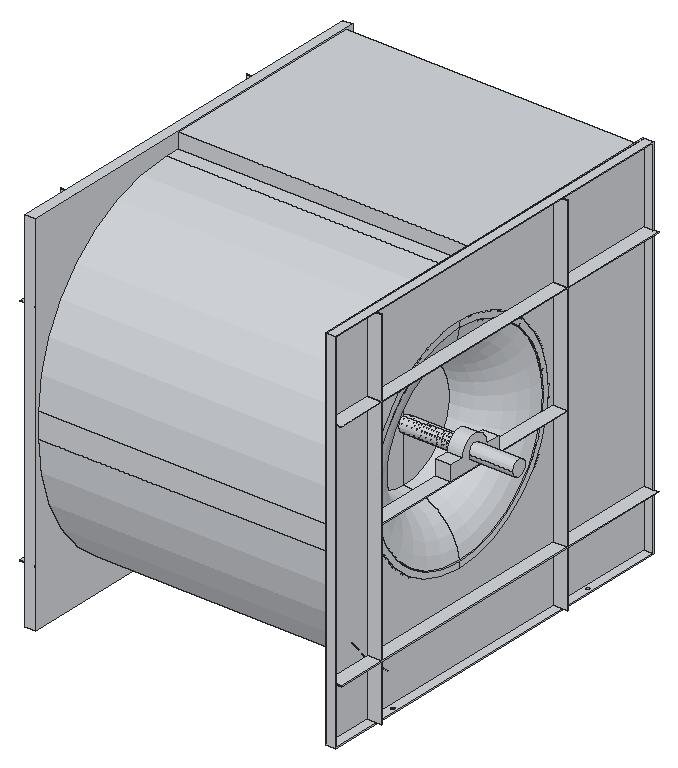
Revit family "CA-4_DWDI_ARR_3_CCW_UBD", category Mechanical Equipment, Revit 2019
Family settings
  Round Connector Dimension = Use Radius
  Part Type = Normal
  Work Plane-Based = No
  Always vertical = Yes
  Cut with Voids When Loaded = No
  Shared = No
  Room Calculation Point = No
Parameters (values of type "600_CA-4_DWDI_ARR_3_CCW_UBD_CLASS_3")
  T/2 = T / 2  # 17/32"
  T = 1 1/16"
  S = 32"
  P/2 = P / 2  # 44 7/8"
  P = 89 3/4"
  O = 44 7/8"
  N/2 = N / 2  # 2 7/32"
  N+A+H = N + A + H  # 69 5/8"
  N*2 = N * 2  # 8 7/8"
  N = 4 7/16"
  ModelID [instance] = ""
  M = 14 3/4"
  L = 110 3/4"
  J-.125" = J - 1/8"  # 2 7/8"
  J*1.5 = J * 1.5  # 4 1/2"
  INLET_RAD+1.5" = INLET_RAD + 1 1/2"  # 34 1/2"
  G+N = G + N  # 56 1/16"
  G-(INLET_RAD+1.5") = G - (INLET_RAD + 1 1/2")  # 17 1/8"
  G+(INLET_RAD+1.5") = G + (INLET_RAD + 1 1/2")  # 86 1/8"
  F-G = F - G  # 58"
  E = 49 3/4"
  Accessories [instance] = ""
  -J*1.5 = -J * 1.5  # -4 1/2"
  J = 3"
  Unit Weight [instance] = ""
  INLET_RAD/2 = INLET_RAD / 2  # 16 1/2"
  INLET_RAD = INLET_DIA / 2  # 33"
  INLET_DIA = 66"
  H = 3"
  EE = E  # 49 3/4"
  Sones [instance] = ""
  D/8 = D / 8  # 14 49/64"
  D/2 = D / 2  # 59 1/16"
  D = 118 1/8"
  Motor RPM [instance] = ""
  Motor Enclosure [instance] = ""
  LwA [instance] = ""
  Fan RPM [instance] = ""
  G = 51 5/8"
  F/2 = F / 2  # 54 13/16"
  F = 109 5/8"
  B/2 = B / 2  # 43 1/8"
  B+.25" = B + 1/4"  # 86 1/2"
  B = 86 1/4"
  A+.25" = A + 1/4"  # 62 7/16"
  A = 62 3/16"
  3" = 3"  # constant formula
  Brake Hp [instance] = ""
  4" = 4"  # constant formula
  2' = 24"
  2" = 2"  # constant formula
  1" = 1"  # constant formula
  0 = 0"  # constant formula
  Voltage [instance] = 0 V
  URL = "www.lorencook.com"
  Type Comments = "Airfoil Centrifugal Blower Arrangement 3 Counter-Clockwise Up Blast Discharge"  # constant formula
  Static Pressure [instance] = 0.00 in-wg
  Power [instance] = Voltage * Motor FLA * sqrt(if(Phase = 3, 3, 1))  # 0 VA
  Phase [instance] = 0
  Number of Poles [instance] = 1
  Motor Hp [instance] = "0"
  Motor FLA [instance] = 0 A
  Model = "CA-4 DWDI CCW UBD Class 3"
  Manufacturer = "Loren Cook Company"
  CFM [instance] = 0 CFM
  1.5 = 1 1/2"  # constant formula
  ONE EIGTH = 1/8"  # constant formula
  -L+M = -L + M  # -96"
  -B = -B  # -86 1/4"
  -A = -A  # -62 3/16"
  -(B/2)-J = -(B / 2) - J  # -46 1/8"
  -B/2 = -B / 2  # -43 1/8"
  (F/2)-S = (F / 2) - S  # 22 13/16"
  (B/2)+J = (B / 2) + J  # 46 1/8"
  (B/2)+.125" = (B / 2) + 1/8"  # 43 1/4"
Types (55): name | T/2 | T | S | P/2 | P | O | N/2 | N+A+H | N*2 | N | M | L | J-.125" | J*1.5 | INLET_RAD+1.5" | G+N | G-(INLET_RAD+1.5") | G+(INLET_RAD+1.5") | F-G | E | -J*1.5 | J | INLET_RAD/2 | INLET_RAD | INLET_DIA | H | EE | D/8 | D/2 | D | G | F/2 | F | B/2 | B+.25" | B | A+.25" | A | Model | -L+M | -B | -A | -(B/2)-J | -B/2 | (F/2)-S | (B/2)+J | (B/2)+.125"
  (no name) | 17/32" | 1 1/16" | 32" | 44 7/8" | 89 3/4" | 44 7/8" | 2 7/32" | 69 5/8" | 8 7/8" | 4 7/16" | 14 3/4" | 110 3/4" | 2 7/8" | 4 1/2" | 34 1/2" | 56 1/16" | 17 1/8" | 86 1/8" | 58" | 49 3/4" | -4 1/2" | 3" | 16 1/2" | 33" | 66" | 3" | 49 3/4" | 14 49/64" | 59 1/16" | 118 1/8" | 51 5/8" | 54 13/16" | 109 5/8" | 43 1/8" | 86 1/2" | 86 1/4" | 62 7/16" | 62 3/16" | "CA-4 DWDI CCW UBD Class 3" | -96" | -86 1/4" | -62 3/16" | -46 1/8" | -43 1/8" | 22 13/16" | 46 1/8" | 43 1/4"
  120_CA-4_DWDI_ARR_3_CCW_UBD_CLASS_1 | 11/32" | 11/16" | 7 1/2" | 9 31/32" | 19 15/16" | 9 31/32" | 23/32" | 15 9/16" | 2 7/8" | 1 7/16" | 5 3/4" | 28 11/16" | 1 7/8" | 3" | 9 5/8" | 11 13/16" | 3/4" | 20" | 12 3/8" | 10 3/4" | -3" | 2" | 4 1/16" | 8 1/8" | 16 1/4" | 2" | 10 3/4" | 3 31/128" | 12 31/32" | 25 15/16" | 10 3/8" | 11 3/8" | 22 3/4" | 8 27/32" | 17 15/16" | 17 11/16" | 12 3/8" | 12 1/8" | "CA-4 DWDI CCW UBD Class 1" | -22 15/16" | -17 11/16" | -12 1/8" | -10 27/32" | -8 27/32" | 3 7/8" | 10 27/32" | 8 31/32"
  120_CA-4_DWDI_ARR_3_CCW_UBD_CLASS_2 | 11/32" | 11/16" | 7 1/2" | 9 31/32" | 19 15/16" | 9 31/32" | 27/32" | 15 13/16" | 3 3/8" | 1 11/16" | 6 1/8" | 29 7/16" | 1 7/8" | 3" | 9 5/8" | 12 1/16" | 3/4" | 20" | 12 3/8" | 10 3/4" | -3" | 2" | 4 1/16" | 8 1/8" | 16 1/4" | 2" | 10 3/4" | 3 31/128" | 12 31/32" | 25 15/16" | 10 3/8" | 11 3/8" | 22 3/4" | 8 27/32" | 17 15/16" | 17 11/16" | 12 3/8" | 12 1/8" | "CA-4 DWDI CCW UBD Class 2" | -23 5/16" | -17 11/16" | -12 1/8" | -10 27/32" | -8 27/32" | 3 7/8" | 10 27/32" | 8 31/32"
  120_CA-4_DWDI_ARR_3_CCW_UBD_CLASS_3 | 11/32" | 11/16" | 7 1/2" | 9 31/32" | 19 15/16" | 9 31/32" | 31/32" | 16 1/16" | 3 7/8" | 1 15/16" | 6 3/8" | 29 15/16" | 1 7/8" | 3" | 9 5/8" | 12 5/16" | 3/4" | 20" | 12 3/8" | 10 3/4" | -3" | 2" | 4 1/16" | 8 1/8" | 16 1/4" | 2" | 10 3/4" | 3 31/128" | 12 31/32" | 25 15/16" | 10 3/8" | 11 3/8" | 22 3/4" | 8 27/32" | 17 15/16" | 17 11/16" | 12 3/8" | 12 1/8" | "CA-4 DWDI CCW UBD Class 3" | -23 9/16" | -17 11/16" | -12 1/8" | -10 27/32" | -8 27/32" | 3 7/8" | 10 27/32" | 8 31/32"
  135_CA-4_DWDI_ARR_3_CCW_UBD_CLASS_1 | 11/32" | 11/16" | 8 1/2" | 11 3/32" | 22 3/16" | 11 3/32" | 23/32" | 17 1/16" | 2 7/8" | 1 7/16" | 5 3/4" | 30 15/16" | 1 7/8" | 3" | 10 3/8" | 13 1/16" | 1 1/4" | 22" | 13 7/8" | 12" | -3" | 2" | 4 7/16" | 8 7/8" | 17 3/4" | 2" | 12" | 3 3/16" | 12 3/4" | 25 1/2" | 11 5/8" | 12 3/4" | 25 1/2" | 9 31/32" | 20 3/16" | 19 15/16" | 13 7/8" | 13 5/8" | "CA-4 DWDI CCW UBD Class 1" | -25 3/16" | -19 15/16" | -13 5/8" | -11 31/32" | -9 31/32" | 4 1/4" | 11 31/32" | 10 3/32"
  135_CA-4_DWDI_ARR_3_CCW_UBD_CLASS_2 | 11/32" | 11/16" | 8 1/2" | 11 3/32" | 22 3/16" | 11 3/32" | 27/32" | 17 5/16" | 3 3/8" | 1 11/16" | 6 1/8" | 31 11/16" | 1 7/8" | 3" | 10 3/8" | 13 5/16" | 1 1/4" | 22" | 13 7/8" | 12" | -3" | 2" | 4 7/16" | 8 7/8" | 17 3/4" | 2" | 12" | 3 77/128" | 14 13/32" | 28 13/16" | 11 5/8" | 12 3/4" | 25 1/2" | 9 31/32" | 20 3/16" | 19 15/16" | 13 7/8" | 13 5/8" | "CA-4 DWDI CCW UBD Class 2" | -25 9/16" | -19 15/16" | -13 5/8" | -11 31/32" | -9 31/32" | 4 1/4" | 11 31/32" | 10 3/32"
  135_CA-4_DWDI_ARR_3_CCW_UBD_CLASS_3 | 11/32" | 11/16" | 8 1/2" | 11 3/32" | 22 3/16" | 11 3/32" | 1 3/32" | 17 13/16" | 4 3/8" | 2 3/16" | 6 5/8" | 32 11/16" | 1 7/8" | 3" | 10 3/8" | 13 13/16" | 1 1/4" | 22" | 13 7/8" | 12" | -3" | 2" | 4 7/16" | 8 7/8" | 17 3/4" | 2" | 12" | 3 77/128" | 14 13/32" | 28 13/16" | 11 5/8" | 12 3/4" | 25 1/2" | 9 31/32" | 20 3/16" | 19 15/16" | 13 7/8" | 13 5/8" | "CA-4 DWDI CCW UBD Class 3" | -26 1/16" | -19 15/16" | -13 5/8" | -11 31/32" | -9 31/32" | 4 1/4" | 11 31/32" | 10 3/32"
  150_CA-4_DWDI_ARR_3_CCW_UBD_CLASS_1 | 11/32" | 11/16" | 9" | 12 1/8" | 24 1/4" | 12 1/8" | 27/32" | 18 15/16" | 3 3/8" | 1 11/16" | 6 5/8" | 34 1/4" | 1 7/8" | 3" | 11 1/8" | 14 9/16" | 1 3/4" | 24" | 15 1/4" | 13 1/4" | -3" | 2" | 4 13/16" | 9 5/8" | 19 1/4" | 2" | 13 1/4" | 3 123/128" | 15 27/32" | 31 11/16" | 12 7/8" | 14 1/16" | 28 1/8" | 11" | 22 1/4" | 22" | 15 1/2" | 15 1/4" | "CA-4 DWDI CCW UBD Class 1" | -27 5/8" | -22" | -15 1/4" | -13" | -11" | 5 1/16" | 13" | 11 1/8"
  150_CA-4_DWDI_ARR_3_CCW_UBD_CLASS_2 | 11/32" | 11/16" | 9" | 12 1/8" | 24 1/4" | 12 1/8" | 31/32" | 19 3/16" | 3 7/8" | 1 15/16" | 6 7/8" | 34 3/4" | 1 7/8" | 3" | 11 1/8" | 14 13/16" | 1 3/4" | 24" | 15 1/4" | 13 1/4" | -3" | 2" | 4 13/16" | 9 5/8" | 19 1/4" | 2" | 13 1/4" | 3 123/128" | 15 27/32" | 31 11/16" | 12 7/8" | 14 1/16" | 28 1/8" | 11" | 22 1/4" | 22" | 15 1/2" | 15 1/4" | "CA-4 DWDI CCW UBD Class 2" | -27 7/8" | -22" | -15 1/4" | -13" | -11" | 5 1/16" | 13" | 11 1/8"
  150_CA-4_DWDI_ARR_3_CCW_UBD_CLASS_3 | 11/32" | 11/16" | 9" | 12 1/8" | 24 1/4" | 12 1/8" | 1 7/32" | 19 11/16" | 4 7/8" | 2 7/16" | 7 1/4" | 35 1/2" | 1 7/8" | 3" | 11 1/8" | 15 5/16" | 1 3/4" | 24" | 15 1/4" | 13 1/4" | -3" | 2" | 4 13/16" | 9 5/8" | 19 1/4" | 2" | 13 1/4" | 3 123/128" | 15 27/32" | 31 11/16" | 12 7/8" | 14 1/16" | 28 1/8" | 11" | 22 1/4" | 22" | 15 1/2" | 15 1/4" | "CA-4 DWDI CCW UBD Class 3" | -28 1/4" | -22" | -15 1/4" | -13" | -11" | 5 1/16" | 13" | 11 1/8"
  165_CA-4_DWDI_ARR_3_CCW_UBD_CLASS_1 | 11/32" | 11/16" | 10" | 13 1/8" | 26 1/4" | 13 1/8" | 27/32" | 20 5/8" | 3 3/8" | 1 11/16" | 6 5/8" | 36 1/4" | 1 7/8" | 3" | 12 1/8" | 15 15/16" | 2 1/8" | 26 3/8" | 16 5/8" | 14 3/8" | -3" | 2" | 5 5/16" | 10 5/8" | 21 1/4" | 2" | 14 3/8" | 4 39/128" | 17 7/32" | 34 7/16" | 14 1/4" | 15 7/16" | 30 7/8" | 12" | 24 1/4" | 24" | 17 3/16" | 16 15/16" | "CA-4 DWDI CCW UBD Class 1" | -29 5/8" | -24" | -16 15/16" | -14" | -12" | 5 7/16" | 14" | 12 1/8"
  165_CA-4_DWDI_ARR_3_CCW_UBD_CLASS_2 | 11/32" | 11/16" | 10" | 13 1/8" | 26 1/4" | 13 1/8" | 31/32" | 20 7/8" | 3 7/8" | 1 15/16" | 6 7/8" | 36 3/4" | 1 7/8" | 3" | 12 1/8" | 16 3/16" | 2 1/8" | 26 3/8" | 16 5/8" | 14 3/8" | -3" | 2" | 5 5/16" | 10 5/8" | 21 1/4" | 2" | 14 3/8" | 4 39/128" | 17 7/32" | 34 7/16" | 14 1/4" | 15 7/16" | 30 7/8" | 12" | 24 1/4" | 24" | 17 3/16" | 16 15/16" | "CA-4 DWDI CCW UBD Class 2" | -29 7/8" | -24" | -16 15/16" | -14" | -12" | 5 7/16" | 14" | 12 1/8"
  165_CA-4_DWDI_ARR_3_CCW_UBD_CLASS_3 | 11/32" | 11/16" | 10" | 13 1/8" | 26 1/4" | 13 1/8" | 1 7/32" | 21 3/8" | 4 7/8" | 2 7/16" | 7 3/16" | 37 1/2" | 1 7/8" | 3" | 12 1/8" | 16 11/16" | 2 1/8" | 26 3/8" | 16 5/8" | 14 3/8" | -3" | 2" | 5 5/16" | 10 5/8" | 21 1/4" | 2" | 14 3/8" | 4 39/128" | 17 7/32" | 34 7/16" | 14 1/4" | 15 7/16" | 30 7/8" | 12" | 24 1/4" | 24" | 17 3/16" | 16 15/16" | "CA-4 DWDI CCW UBD Class 3" | -30 5/16" | -24" | -16 15/16" | -14" | -12" | 5 7/16" | 14" | 12 1/8"
  180_CA-4_DWDI_ARR_3_CCW_UBD_CLASS_1 | 11/32" | 11/16" | 11" | 14 5/32" | 28 5/16" | 14 5/32" | 27/32" | 22 3/16" | 3 3/8" | 1 11/16" | 7 1/8" | 38 13/16" | 1 7/8" | 3" | 12 7/8" | 17 3/16" | 2 5/8" | 28 3/8" | 18 1/8" | 15 5/8" | -3" | 2" | 5 11/16" | 11 3/8" | 22 3/4" | 2" | 15 5/8" | 4 85/128" | 18 21/32" | 37 5/16" | 15 1/2" | 16 13/16" | 33 5/8" | 13 1/32" | 26 5/16" | 26 1/16" | 18 3/4" | 18 1/2" | "CA-4 DWDI CCW UBD Class 1" | -31 11/16" | -26 1/16" | -18 1/2" | -15 1/32" | -13 1/32" | 5 13/16" | 15 1/32" | 13 5/32"
  180_CA-4_DWDI_ARR_3_CCW_UBD_CLASS_2 | 11/32" | 11/16" | 11" | 14 5/32" | 28 5/16" | 14 5/32" | 31/32" | 22 7/16" | 3 7/8" | 1 15/16" | 7 3/8" | 39 5/16" | 1 7/8" | 3" | 12 7/8" | 17 7/16" | 2 5/8" | 28 3/8" | 18 1/8" | 15 5/8" | -3" | 2" | 5 11/16" | 11 3/8" | 22 3/4" | 2" | 15 5/8" | 4 85/128" | 18 21/32" | 37 5/16" | 15 1/2" | 16 13/16" | 33 5/8" | 13 1/32" | 26 5/16" | 26 1/16" | 18 3/4" | 18 1/2" | "CA-4 DWDI CCW UBD Class 2" | -31 15/16" | -26 1/16" | -18 1/2" | -15 1/32" | -13 1/32" | 5 13/16" | 15 1/32" | 13 5/32"
  180_CA-4_DWDI_ARR_3_CCW_UBD_CLASS_3 | 11/32" | 11/16" | 11" | 14 5/32" | 28 5/16" | 14 5/32" | 1 7/32" | 22 15/16" | 4 7/8" | 2 7/16" | 7 3/4" | 40 1/16" | 1 7/8" | 3" | 12 7/8" | 17 15/16" | 2 5/8" | 28 3/8" | 18 1/8" | 15 5/8" | -3" | 2" | 5 11/16" | 11 3/8" | 22 3/4" | 2" | 15 5/8" | 4 85/128" | 18 21/32" | 37 5/16" | 15 1/2" | 16 13/16" | 33 5/8" | 13 1/32" | 26 5/16" | 26 1/16" | 18 3/4" | 18 1/2" | "CA-4 DWDI CCW UBD Class 3" | -32 5/16" | -26 1/16" | -18 1/2" | -15 1/32" | -13 1/32" | 5 13/16" | 15 1/32" | 13 5/32"
  195_CA-4_DWDI_ARR_3_CCW_UBD_CLASS_1 | 11/32" | 11/16" | 11 1/2" | 15 11/32" | 30 11/16" | 15 11/32" | 31/32" | 23 7/16" | 3 7/8" | 1 15/16" | 7 1/4" | 41 11/16" | 1 7/8" | 3" | 13 5/8" | 18 11/16" | 3 1/8" | 30 3/8" | 19 1/2" | 16 3/4" | -3" | 2" | 6 1/16" | 12 1/8" | 24 1/4" | 2" | 16 3/4" | 5 1/128" | 20 1/32" | 40 1/16" | 16 3/4" | 18 1/8" | 36 1/4" | 14 7/32" | 28 11/16" | 28 7/16" | 19 3/4" | 19 1/2" | "CA-4 DWDI CCW UBD Class 1" | -34 7/16" | -28 7/16" | -19 1/2" | -16 7/32" | -14 7/32" | 6 5/8" | 16 7/32" | 14 11/32"
  195_CA-4_DWDI_ARR_3_CCW_UBD_CLASS_2 | 11/32" | 11/16" | 11 1/2" | 15 11/32" | 30 11/16" | 15 11/32" | 1 3/32" | 23 11/16" | 4 3/8" | 2 3/16" | 7 5/8" | 42 3/16" | 1 7/8" | 3" | 13 5/8" | 18 15/16" | 3 1/8" | 30 3/8" | 19 1/2" | 16 3/4" | -3" | 2" | 6 1/16" | 12 1/8" | 24 1/4" | 2" | 16 3/4" | 5 1/128" | 20 1/32" | 40 1/16" | 16 3/4" | 18 1/8" | 36 1/4" | 14 7/32" | 28 11/16" | 28 7/16" | 19 3/4" | 19 1/2" | "CA-4 DWDI CCW UBD Class 2" | -34 9/16" | -28 7/16" | -19 1/2" | -16 7/32" | -14 7/32" | 6 5/8" | 16 7/32" | 14 11/32"
  195_CA-4_DWDI_ARR_3_CCW_UBD_CLASS_3 | 11/32" | 11/16" | 11 1/2" | 15 11/32" | 30 11/16" | 15 11/32" | 1 11/32" | 24 3/16" | 5 3/8" | 2 11/16" | 8" | 42 15/16" | 1 7/8" | 3" | 13 5/8" | 19 7/16" | 3 1/8" | 30 3/8" | 19 1/2" | 16 3/4" | -3" | 2" | 6 1/16" | 12 1/8" | 24 1/4" | 2" | 16 3/4" | 5 1/128" | 20 1/32" | 40 1/16" | 16 3/4" | 18 1/8" | 36 1/4" | 14 7/32" | 28 11/16" | 28 7/16" | 19 3/4" | 19 1/2" | "CA-4 DWDI CCW UBD Class 3" | -34 15/16" | -28 7/16" | -19 1/2" | -16 7/32" | -14 7/32" | 6 5/8" | 16 7/32" | 14 11/32"
  210_CA-4_DWDI_ARR_3_CCW_UBD_CLASS_1 | 15/32" | 15/16" | 12" | 16 5/16" | 32 5/8" | 6 5/16" | 31/32" | 25 9/16" | 3 7/8" | 1 15/16" | 7 7/8" | 44 1/8" | 1 7/8" | 3" | 14 1/2" | 20 1/16" | 3 5/8" | 32 5/8" | 21" | 18" | -3" | 2" | 6 1/2" | 13" | 26" | 2" | 18" | 5 47/128" | 21 15/32" | 42 15/16" | 18 1/8" | 19 9/16" | 39 1/8" | 15 3/16" | 30 5/8" | 30 3/8" | 21 7/8" | 21 5/8" | "CA-4 DWDI CCW UBD Class 1" | -36 1/4" | -30 3/8" | -21 5/8" | -17 3/16" | -15 3/16" | 7 9/16" | 17 3/16" | 15 5/16"
  210_CA-4_DWDI_ARR_3_CCW_UBD_CLASS_2 | 15/32" | 15/16" | 12" | 16 5/16" | 32 5/8" | 6 5/16" | 1 3/32" | 25 13/16" | 4 3/8" | 2 3/16" | 8 1/8" | 44 5/8" | 1 7/8" | 3" | 14 1/2" | 20 5/16" | 3 5/8" | 32 5/8" | 21" | 18" | -3" | 2" | 6 1/2" | 13" | 26" | 2" | 18" | 5 47/128" | 21 15/32" | 42 15/16" | 18 1/8" | 19 9/16" | 39 1/8" | 15 3/16" | 30 5/8" | 30 3/8" | 21 7/8" | 21 5/8" | "CA-4 DWDI CCW UBD Class 2" | -36 1/2" | -30 3/8" | -21 5/8" | -17 3/16" | -15 3/16" | 7 9/16" | 17 3/16" | 15 5/16"
  210_CA-4_DWDI_ARR_3_CCW_UBD_CLASS_3 | 15/32" | 15/16" | 12" | 16 5/16" | 32 5/8" | 6 5/16" | 1 11/32" | 26 5/16" | 5 3/8" | 2 11/16" | 8 1/2" | 45 3/8" | 1 7/8" | 3" | 14 1/2" | 20 13/16" | 3 5/8" | 32 5/8" | 21" | 18" | -3" | 2" | 6 1/2" | 13" | 26" | 2" | 18" | 5 47/128" | 21 15/32" | 42 15/16" | 18 1/8" | 19 9/16" | 39 1/8" | 15 3/16" | 30 5/8" | 30 3/8" | 21 7/8" | 21 5/8" | "CA-4 DWDI CCW UBD Class 3" | -36 7/8" | -30 3/8" | -21 5/8" | -17 3/16" | -15 3/16" | 7 9/16" | 17 3/16" | 15 5/16"
  225_CA-4_DWDI_ARR_3_CCW_UBD_CLASS_1 | 15/32" | 15/16" | 12 1/2" | 17 3/8" | 34 3/4" | 17 3/8" | 31/32" | 27 1/8" | 3 7/8" | 1 15/16" | 7 7/8" | 46 1/4" | 1 7/8" | 3" | 15 1/4" | 21 5/16" | 4 1/8" | 34 5/8" | 22 3/8" | 19 1/4" | -3" | 2" | 6 7/8" | 13 3/4" | 27 1/2" | 2" | 19 1/4" | 5 93/128" | 22 29/32" | 45 13/16" | 19 3/8" | 20 7/8" | 41 3/4" | 16 1/4" | 32 3/4" | 32 1/2" | 23 7/16" | 23 3/16" | "CA-4 DWDI CCW UBD Class 1" | -38 3/8" | -32 1/2" | -23 3/16" | -18 1/4" | -16 1/4" | 8 3/8" | 18 1/4" | 16 3/8"
  225_CA-4_DWDI_ARR_3_CCW_UBD_CLASS_2 | 15/32" | 15/16" | 12 1/2" | 17 3/8" | 34 3/4" | 17 3/8" | 1 7/32" | 27 5/8" | 4 7/8" | 2 7/16" | 8 1/4" | 47" | 1 7/8" | 3" | 15 1/4" | 21 13/16" | 4 1/8" | 34 5/8" | 22 3/8" | 19 1/4" | -3" | 2" | 6 7/8" | 13 3/4" | 27 1/2" | 2" | 19 1/4" | 5 93/128" | 22 29/32" | 45 13/16" | 19 3/8" | 20 7/8" | 41 3/4" | 16 1/4" | 32 3/4" | 32 1/2" | 23 7/16" | 23 3/16" | "CA-4 DWDI CCW UBD Class 2" | -38 3/4" | -32 1/2" | -23 3/16" | -18 1/4" | -16 1/4" | 8 3/8" | 18 1/4" | 16 3/8"
  225_CA-4_DWDI_ARR_3_CCW_UBD_CLASS_3 | 15/32" | 15/16" | 12 1/2" | 17 3/8" | 34 3/4" | 17 3/8" | 1 15/32" | 28 1/8" | 5 7/8" | 2 15/16" | 8 1/2" | 47 1/2" | 1 7/8" | 3" | 15 1/4" | 22 5/16" | 4 1/8" | 34 5/8" | 22 3/8" | 19 1/4" | -3" | 2" | 6 7/8" | 13 3/4" | 27 1/2" | 2" | 19 1/4" | 5 93/128" | 22 29/32" | 45 13/16" | 19 3/8" | 20 7/8" | 41 3/4" | 16 1/4" | 32 3/4" | 32 1/2" | 23 7/16" | 23 3/16" | "CA-4 DWDI CCW UBD Class 3" | -39" | -32 1/2" | -23 3/16" | -18 1/4" | -16 1/4" | 8 3/8" | 18 1/4" | 16 3/8"
  245_CA-4_DWDI_ARR_3_CCW_UBD_CLASS_1 | 15/32" | 15/16" | 12 1/2" | 18 21/32" | 37 5/16" | 18 21/32" | 1 3/32" | 29 11/16" | 4 3/8" | 2 3/16" | 8 5/8" | 49 13/16" | 1 7/8" | 3" | 16 1/4" | 23 5/16" | 4 7/8" | 37 3/8" | 24 1/4" | 20 7/8" | -3" | 2" | 7 3/8" | 14 3/4" | 29 1/2" | 2" | 20 7/8" | 6 13/64" | 24 13/16" | 49 5/8" | 21 1/8" | 22 11/16" | 45 3/8" | 17 17/32" | 35 5/16" | 35 1/16" | 25 3/4" | 25 1/2" | "CA-4 DWDI CCW UBD Class 1" | -41 3/16" | -35 1/16" | -25 1/2" | -19 17/32" | -17 17/32" | 10 3/16" | 19 17/32" | 17 21/32"
  245_CA-4_DWDI_ARR_3_CCW_UBD_CLASS_2 | 15/32" | 15/16" | 12 1/2" | 18 21/32" | 37 5/16" | 18 21/32" | 1 7/32" | 29 15/16" | 4 7/8" | 2 7/16" | 8 3/4" | 50 1/16" | 1 7/8" | 3" | 16 1/4" | 23 9/16" | 4 7/8" | 37 3/8" | 24 1/4" | 20 7/8" | -3" | 2" | 7 3/8" | 14 3/4" | 29 1/2" | 2" | 20 7/8" | 6 13/64" | 24 13/16" | 49 5/8" | 21 1/8" | 22 11/16" | 45 3/8" | 17 17/32" | 35 5/16" | 35 1/16" | 25 3/4" | 25 1/2" | "CA-4 DWDI CCW UBD Class 2" | -41 5/16" | -35 1/16" | -25 1/2" | -19 17/32" | -17 17/32" | 10 3/16" | 19 17/32" | 17 21/32"
  245_CA-4_DWDI_ARR_3_CCW_UBD_CLASS_3 | 15/32" | 15/16" | 12 1/2" | 18 21/32" | 37 5/16" | 18 21/32" | 1 3/32" | 29 11/16" | 4 3/8" | 2 3/16" | 8 3/4" | 50 11/16" | 1 7/8" | 3" | 16 1/4" | 23 5/16" | 4 7/8" | 37 3/8" | 24 1/4" | 20 7/8" | -3" | 2" | 7 3/8" | 14 3/4" | 29 1/2" | 2" | 20 7/8" | 6 13/64" | 24 13/16" | 49 5/8" | 21 1/8" | 22 11/16" | 45 3/8" | 17 17/32" | 35 5/16" | 35 1/16" | 25 3/4" | 25 1/2" | "CA-4 DWDI CCW UBD Class 3" | -41 15/16" | -35 1/16" | -25 1/2" | -19 17/32" | -17 17/32" | 10 3/16" | 19 17/32" | 17 21/32"
  270_CA-4_DWDI_ARR_3_CCW_UBD_CLASS_1 | 15/32" | 15/16" | 15" | 20 27/32" | 41 11/16" | 20 27/32" | 1 3/32" | 31 11/16" | 4 3/8" | 2 3/16" | 8 5/8" | 54 3/16" | 1 7/8" | 3" | 17 1/2" | 25 7/16" | 5 3/4" | 40 3/4" | 26 5/8" | 23 3/8" | -3" | 2" | 8" | 16" | 32" | 2" | 23 3/8" | 6 55/64" | 27 7/16" | 54 7/8" | 23 1/4" | 24 15/16" | 49 7/8" | 19 23/32" | 39 11/16" | 39 7/16" | 27 3/4" | 27 1/2" | "CA-4 DWDI CCW UBD Class 1" | -45 9/16" | -39 7/16" | -27 1/2" | -21 23/32" | -19 23/32" | 9 15/16" | 21 23/32" | 19 27/32"
  270_CA-4_DWDI_ARR_3_CCW_UBD_CLASS_2 | 15/32" | 15/16" | 15" | 20 27/32" | 41 11/16" | 20 27/32" | 1 11/32" | 32 3/16" | 5 3/8" | 2 11/16" | 9" | 54 15/16" | 1 7/8" | 3" | 17 1/2" | 25 15/16" | 5 3/4" | 40 3/4" | 26 5/8" | 23 3/8" | -3" | 2" | 8" | 16" | 32" | 2" | 23 3/8" | 6 55/64" | 27 7/16" | 54 7/8" | 23 1/4" | 24 15/16" | 49 7/8" | 19 23/32" | 39 11/16" | 39 7/16" | 27 3/4" | 27 1/2" | "CA-4 DWDI CCW UBD Class 2" | -45 15/16" | -39 7/16" | -27 1/2" | -21 23/32" | -19 23/32" | 9 15/16" | 21 23/32" | 19 27/32"
  270_CA-4_DWDI_ARR_3_CCW_UBD_CLASS_3 | 15/32" | 15/16" | 15" | 20 27/32" | 41 11/16" | 20 27/32" | 1 3/32" | 31 11/16" | 4 3/8" | 2 3/16" | 8 3/4" | 55 1/16" | 1 7/8" | 3" | 17 1/2" | 25 7/16" | 5 3/4" | 40 3/4" | 26 5/8" | 23 3/8" | -3" | 2" | 8" | 16" | 32" | 2" | 23 3/8" | 6 55/64" | 27 7/16" | 54 7/8" | 23 1/4" | 24 15/16" | 49 7/8" | 19 23/32" | 39 11/16" | 39 7/16" | 27 3/4" | 27 1/2" | "CA-4 DWDI CCW UBD Class 3" | -46 5/16" | -39 7/16" | -27 1/2" | -21 23/32" | -19 23/32" | 9 15/16" | 21 23/32" | 19 27/32"
  300_CA-4_DWDI_ARR_3_CCW_UBD_CLASS_1 | 15/32" | 15/16" | 16 1/2" | 22 5/8" | 45 1/4" | 22 5/8" | 1 7/32" | 35 5/8" | 4 7/8" | 2 7/16" | 9 1/4" | 58 1/2" | 1 7/8" | 3" | 19" | 28 5/16" | 6 7/8" | 44 7/8" | 29 1/2" | 25 3/8" | -3" | 2" | 8 3/4" | 17 1/2" | 35" | 2" | 25 3/8" | 7 33/64" | 30 1/16" | 60 1/8" | 25 7/8" | 27 11/16" | 55 3/8" | 21 1/2" | 43 1/4" | 43" | 31 7/16" | 31 3/16" | "CA-4 DWDI CCW UBD Class 1" | -49 1/4" | -43" | -31 3/16" | -23 1/2" | -21 1/2" | 11 3/16" | 23 1/2" | 21 5/8"
  300_CA-4_DWDI_ARR_3_CCW_UBD_CLASS_2 | 15/32" | 15/16" | 16 1/2" | 22 5/8" | 45 1/4" | 22 5/8" | 1 11/32" | 35 7/8" | 5 3/8" | 2 11/16" | 9 1/2" | 59" | 1 7/8" | 3" | 19" | 28 9/16" | 6 7/8" | 44 7/8" | 29 1/2" | 25 3/8" | -3" | 2" | 8 3/4" | 17 1/2" | 35" | 2" | 25 3/8" | 7 33/64" | 30 1/16" | 60 1/8" | 25 7/8" | 27 11/16" | 55 3/8" | 21 1/2" | 43 1/4" | 43" | 31 7/16" | 31 3/16" | "CA-4 DWDI CCW UBD Class 2" | -49 1/2" | -43" | -31 3/16" | -23 1/2" | -21 1/2" | 11 3/16" | 23 1/2" | 21 5/8"
  300_CA-4_DWDI_ARR_3_CCW_UBD_CLASS_3 | 15/32" | 15/16" | 16 1/2" | 22 5/8" | 45 1/4" | 22 5/8" | 1 7/32" | 35 5/8" | 4 7/8" | 2 7/16" | 9 1/2" | 59 3/8" | 1 7/8" | 3" | 19" | 28 5/16" | 6 7/8" | 44 7/8" | 29 1/2" | 25 3/8" | -3" | 2" | 8 3/4" | 17 1/2" | 35" | 2" | 25 3/8" | 7 33/64" | 30 1/16" | 60 1/8" | 25 7/8" | 27 11/16" | 55 3/8" | 21 1/2" | 43 1/4" | 43" | 31 7/16" | 31 3/16" | "CA-4 DWDI CCW UBD Class 3" | -49 7/8" | -43" | -31 3/16" | -23 1/2" | -21 1/2" | 11 3/16" | 23 1/2" | 21 5/8"
  330_CA-4_DWDI_ARR_3_CCW_UBD_CLASS_1 | 15/32" | 15/16" | 18" | 24 21/32" | 49 5/16" | 24 21/32" | 1 11/32" | 39 3/16" | 5 3/8" | 2 11/16" | 10 1/16" | 63 9/16" | 1 7/8" | 3" | 20 1/2" | 31 1/16" | 7 7/8" | 48 7/8" | 32 3/8" | 27 7/8" | -3" | 2" | 9 1/2" | 19" | 38" | 2" | 27 7/8" | 8 31/128" | 32 31/32" | 65 15/16" | 28 3/8" | 30 3/8" | 60 3/4" | 23 17/32" | 47 5/16" | 47 1/16" | 34 3/4" | 34 1/2" | "CA-4 DWDI CCW UBD Class 1" | -53 1/2" | -47 1/16" | -34 1/2" | -25 17/32" | -23 17/32" | 12 3/8" | 25 17/32" | 23 21/32"
  330_CA-4_DWDI_ARR_3_CCW_UBD_CLASS_2 | 15/32" | 15/16" | 18" | 24 21/32" | 49 5/16" | 24 21/32" | 1 3/32" | 38 11/16" | 4 3/8" | 2 3/16" | 9 5/8" | 63 11/16" | 1 7/8" | 3" | 20 1/2" | 30 9/16" | 7 7/8" | 48 7/8" | 32 3/8" | 27 7/8" | -3" | 2" | 9 1/2" | 19" | 38" | 2" | 27 7/8" | 8 31/128" | 32 31/32" | 65 15/16" | 28 3/8" | 30 3/8" | 60 3/4" | 23 17/32" | 47 5/16" | 47 1/16" | 34 3/4" | 34 1/2" | "CA-4 DWDI CCW UBD Class 2" | -54 1/16" | -47 1/16" | -34 1/2" | -25 17/32" | -23 17/32" | 12 3/8" | 25 17/32" | 23 21/32"
  330_CA-4_DWDI_ARR_3_CCW_UBD_CLASS_3 | 15/32" | 15/16" | 18" | 24 21/32" | 49 5/16" | 24 21/32" | 1 7/32" | 38 15/16" | 4 7/8" | 2 7/16" | 10" | 63 15/16" | 1 7/8" | 3" | 20 1/2" | 30 13/16" | 7 7/8" | 48 7/8" | 32 3/8" | 27 7/8" | -3" | 2" | 9 1/2" | 19" | 38" | 2" | 27 7/8" | 8 31/128" | 32 31/32" | 65 15/16" | 28 3/8" | 30 3/8" | 60 3/4" | 23 17/32" | 47 5/16" | 47 1/16" | 34 3/4" | 34 1/2" | "CA-4 DWDI CCW UBD Class 3" | -53 15/16" | -47 1/16" | -34 1/2" | -25 17/32" | -23 17/32" | 12 3/8" | 25 17/32" | 23 21/32"
  365_CA-4_DWDI_ARR_3_CCW_UBD_CLASS_1 | 15/32" | 15/16" | 20" | 27 7/32" | 54 7/16" | 27 7/32" | 1 3/32" | 42 7/8" | 4 3/8" | 2 3/16" | 10 5/16" | 69 5/16" | 1 7/8" | 3" | 22 1/4" | 33 9/16" | 9 1/8" | 53 5/8" | 35 5/8" | 30 5/8" | -3" | 2" | 10 3/8" | 20 3/4" | 41 1/2" | 2" | 30 5/8" | 9 1/16" | 36 1/4" | 72 1/2" | 31 3/8" | 33 1/2" | 67" | 26 3/32" | 52 7/16" | 52 3/16" | 38 15/16" | 38 11/16" | "CA-4 DWDI CCW UBD Class 1" | -59" | -52 3/16" | -38 11/16" | -28 3/32" | -26 3/32" | 13 1/2" | 28 3/32" | 26 7/32"
  365_CA-4_DWDI_ARR_3_CCW_UBD_CLASS_2 | 15/32" | 15/16" | 20" | 27 7/32" | 54 7/16" | 27 7/32" | 1 7/32" | 43 1/8" | 4 7/8" | 2 7/16" | 10 1/2" | 69 9/16" | 1 7/8" | 3" | 22 1/4" | 33 13/16" | 9 1/8" | 53 5/8" | 35 5/8" | 30 5/8" | -3" | 2" | 10 3/8" | 20 3/4" | 41 1/2" | 2" | 30 5/8" | 9 1/16" | 36 1/4" | 72 1/2" | 31 3/8" | 33 1/2" | 67" | 26 3/32" | 52 7/16" | 52 3/16" | 38 15/16" | 38 11/16" | "CA-4 DWDI CCW UBD Class 2" | -59 1/16" | -52 3/16" | -38 11/16" | -28 3/32" | -26 3/32" | 13 1/2" | 28 3/32" | 26 7/32"
  365_CA-4_DWDI_ARR_3_CCW_UBD_CLASS_3 | 15/32" | 15/16" | 20" | 27 7/32" | 54 7/16" | 27 7/32" | 1 11/32" | 43 3/8" | 5 3/8" | 2 11/16" | 10 1/2" | 70 1/16" | 1 7/8" | 3" | 22 1/4" | 34 1/16" | 9 1/8" | 53 5/8" | 35 5/8" | 30 5/8" | -3" | 2" | 10 3/8" | 20 3/4" | 41 1/2" | 2" | 30 5/8" | 9 1/16" | 36 1/4" | 72 1/2" | 31 3/8" | 33 1/2" | 67" | 26 3/32" | 52 7/16" | 52 3/16" | 38 15/16" | 38 11/16" | "CA-4 DWDI CCW UBD Class 3" | -59 9/16" | -52 3/16" | -38 11/16" | -28 3/32" | -26 3/32" | 13 1/2" | 28 3/32" | 26 7/32"
  402_CA-4_DWDI_ARR_3_CCW_UBD_CLASS_1 | 17/32" | 1 1/16" | 22" | 30 21/32" | 61 5/16" | 30 21/32" | 1 7/32" | 47 3/16" | 4 7/8" | 2 7/16" | 10" | 75 11/16" | 2 7/8" | 4 1/2" | 24 1/8" | 37 1/16" | 10 1/2" | 58 3/4" | 39 1/4" | 33 5/8" | -4 1/2" | 3" | 11 5/16" | 22 5/8" | 45 1/4" | 3" | 33 5/8" | 10 9/128" | 40 9/32" | 80 9/16" | 34 5/8" | 36 15/16" | 73 7/8" | 28 29/32" | 58 1/16" | 57 13/16" | 42" | 41 3/4" | "CA-4 DWDI CCW UBD Class 1" | -65 11/16" | -57 13/16" | -41 3/4" | -31 29/32" | -28 29/32" | 14 15/16" | 31 29/32" | 29 1/32"
  402_CA-4_DWDI_ARR_3_CCW_UBD_CLASS_2 | 17/32" | 1 1/16" | 22" | 30 21/32" | 61 5/16" | 30 21/32" | 1 7/32" | 47 3/16" | 4 7/8" | 2 7/16" | 10" | 75 11/16" | 2 7/8" | 4 1/2" | 24 1/8" | 37 1/16" | 10 1/2" | 58 3/4" | 39 1/4" | 33 5/8" | -4 1/2" | 3" | 11 5/16" | 22 5/8" | 45 1/4" | 3" | 33 5/8" | 10 9/128" | 40 9/32" | 80 9/16" | 34 5/8" | 36 15/16" | 73 7/8" | 28 29/32" | 58 1/16" | 57 13/16" | 42" | 41 3/4" | "CA-4 DWDI CCW UBD Class 2" | -65 11/16" | -57 13/16" | -41 3/4" | -31 29/32" | -28 29/32" | 14 15/16" | 31 29/32" | 29 1/32"
  402_CA-4_DWDI_ARR_3_CCW_UBD_CLASS_3 | 17/32" | 1 1/16" | 22" | 30 21/32" | 61 5/16" | 30 21/32" | 1 11/32" | 47 7/16" | 5 3/8" | 2 11/16" | 10 1/2" | 76 3/16" | 2 7/8" | 4 1/2" | 24 1/8" | 37 5/16" | 10 1/2" | 58 3/4" | 39 1/4" | 33 5/8" | -4 1/2" | 3" | 11 5/16" | 22 5/8" | 45 1/4" | 3" | 33 5/8" | 10 9/128" | 40 9/32" | 80 9/16" | 34 5/8" | 36 15/16" | 73 7/8" | 28 29/32" | 58 1/16" | 57 13/16" | 42" | 41 3/4" | "CA-4 DWDI CCW UBD Class 3" | -65 11/16" | -57 13/16" | -41 3/4" | -31 29/32" | -28 29/32" | 14 15/16" | 31 29/32" | 29 1/32"
  445_CA-4_DWDI_ARR_3_CCW_UBD_CLASS_1 | 17/32" | 1 1/16" | 24" | 33 7/8" | 67 3/4" | 33 7/8" | 1 7/32" | 51 3/8" | 4 7/8" | 2 7/16" | 10 5/8" | 82 5/8" | 2 7/8" | 4 1/2" | 26 1/4" | 40 11/16" | 12" | 64 1/2" | 43 1/4" | 37 1/8" | -4 1/2" | 3" | 12 3/8" | 24 3/4" | 49 1/2" | 3" | 37 1/8" | 11 11/128" | 44 11/32" | 88 11/16" | 38 1/4" | 40 3/4" | 81 1/2" | 32 1/8" | 64 1/2" | 64 1/4" | 46 3/16" | 45 15/16" | "CA-4 DWDI CCW UBD Class 1" | -72" | -64 1/4" | -45 15/16" | -35 1/8" | -32 1/8" | 16 3/4" | 35 1/8" | 32 1/4"
  445_CA-4_DWDI_ARR_3_CCW_UBD_CLASS_2 | 17/32" | 1 1/16" | 24" | 33 7/8" | 67 3/4" | 33 7/8" | 1 11/32" | 51 5/8" | 5 3/8" | 2 11/16" | 11" | 83 1/2" | 2 7/8" | 4 1/2" | 26 1/4" | 40 15/16" | 12" | 64 1/2" | 43 1/4" | 37 1/8" | -4 1/2" | 3" | 12 3/8" | 24 3/4" | 49 1/2" | 3" | 37 1/8" | 11 11/128" | 44 11/32" | 88 11/16" | 38 1/4" | 40 3/4" | 81 1/2" | 32 1/8" | 64 1/2" | 64 1/4" | 46 3/16" | 45 15/16" | "CA-4 DWDI CCW UBD Class 2" | -72 1/2" | -64 1/4" | -45 15/16" | -35 1/8" | -32 1/8" | 16 3/4" | 35 1/8" | 32 1/4"
  445_CA-4_DWDI_ARR_3_CCW_UBD_CLASS_3 | 17/32" | 1 1/16" | 24" | 33 7/8" | 67 3/4" | 33 7/8" | 1 15/32" | 51 7/8" | 5 7/8" | 2 15/16" | 11" | 83 1/2" | 2 7/8" | 4 1/2" | 26 1/4" | 41 3/16" | 12" | 64 1/2" | 43 1/4" | 37 1/8" | -4 1/2" | 3" | 12 3/8" | 24 3/4" | 49 1/2" | 3" | 37 1/8" | 11 11/128" | 44 11/32" | 88 11/16" | 38 1/4" | 40 3/4" | 81 1/2" | 32 1/8" | 64 1/2" | 64 1/4" | 46 3/16" | 45 15/16" | "CA-4 DWDI CCW UBD Class 3" | -72 1/2" | -64 1/4" | -45 15/16" | -35 1/8" | -32 1/8" | 16 3/4" | 35 1/8" | 32 1/4"
  490_CA-4_DWDI_ARR_3_CCW_UBD_CLASS_1 | 17/32" | 1 1/16" | 26 1/2" | 36 13/16" | 73 5/8" | 36 13/16" | 1 15/32" | 56 15/16" | 5 7/8" | 2 15/16" | 11 1/2" | 89 1/2" | 2 7/8" | 4 1/2" | 29" | 45 3/16" | 13 1/4" | 71 1/4" | 47 1/2" | 40 3/4" | -4 1/2" | 3" | 13 3/4" | 27 1/2" | 55" | 3" | 40 3/4" | 12 19/128" | 48 19/32" | 97 3/16" | 42 1/4" | 44 7/8" | 89 3/4" | 35 1/16" | 70 3/8" | 70 1/8" | 51 1/4" | 51" | "CA-4 DWDI CCW UBD Class 1" | -78" | -70 1/8" | -51" | -38 1/16" | -35 1/16" | 18 3/8" | 38 1/16" | 35 3/16"
  490_CA-4_DWDI_ARR_3_CCW_UBD_CLASS_2 | 17/32" | 1 1/16" | 26 1/2" | 36 13/16" | 73 5/8" | 36 13/16" | 1 23/32" | 57 7/16" | 6 7/8" | 3 7/16" | 12" | 90 3/8" | 2 7/8" | 4 1/2" | 29" | 45 11/16" | 13 1/4" | 71 1/4" | 47 1/2" | 40 3/4" | -4 1/2" | 3" | 13 3/4" | 27 1/2" | 55" | 3" | 40 3/4" | 12 19/128" | 48 19/32" | 97 3/16" | 42 1/4" | 44 7/8" | 89 3/4" | 35 1/16" | 70 3/8" | 70 1/8" | 51 1/4" | 51" | "CA-4 DWDI CCW UBD Class 2" | -78 3/8" | -70 1/8" | -51" | -38 1/16" | -35 1/16" | 18 3/8" | 38 1/16" | 35 3/16"
  490_CA-4_DWDI_ARR_3_CCW_UBD_CLASS_3 | 17/32" | 1 1/16" | 26 1/2" | 36 13/16" | 73 5/8" | 36 13/16" | 1 23/32" | 57 7/16" | 6 7/8" | 3 7/16" | 12" | 90 5/8" | 2 7/8" | 4 1/2" | 29" | 45 11/16" | 13 1/4" | 71 1/4" | 47 1/2" | 40 3/4" | -4 1/2" | 3" | 13 3/4" | 27 1/2" | 55" | 3" | 40 3/4" | 12 19/128" | 48 19/32" | 97 3/16" | 42 1/4" | 44 7/8" | 89 3/4" | 35 1/16" | 70 3/8" | 70 1/8" | 51 1/4" | 51" | "CA-4 DWDI CCW UBD Class 3" | -78 5/8" | -70 1/8" | -51" | -38 1/16" | -35 1/16" | 18 3/8" | 38 1/16" | 35 3/16"
  540_CA-4_DWDI_ARR_3_CCW_UBD_CLASS_1 | 17/32" | 1 1/16" | 29" | 40 23/32" | 81 7/16" | 40 23/32" | 1 23/32" | 62 3/16" | 6 7/8" | 3 7/16" | 12 7/16" | 98 5/16" | 2 7/8" | 4 1/2" | 31 1/2" | 49 15/16" | 15" | 78" | 52 1/4" | 44 7/8" | -4 1/2" | 3" | 15" | 30" | 60" | 3" | 44 7/8" | 13 11/32" | 53 3/8" | 106 3/4" | 46 1/2" | 49 3/8" | 98 3/4" | 38 31/32" | 78 3/16" | 77 15/16" | 56" | 55 3/4" | "CA-4 DWDI CCW UBD Class 1" | -85 7/8" | -77 15/16" | -55 3/4" | -41 31/32" | -38 31/32" | 20 3/8" | 41 31/32" | 39 3/32"
  540_CA-4_DWDI_ARR_3_CCW_UBD_CLASS_2 | 17/32" | 1 1/16" | 29" | 40 23/32" | 81 7/16" | 40 23/32" | 1 31/32" | 62 11/16" | 7 7/8" | 3 15/16" | 13 3/4" | 98 5/16" | 2 7/8" | 4 1/2" | 31 1/2" | 50 7/16" | 15" | 78" | 52 1/4" | 44 7/8" | -4 1/2" | 3" | 15" | 30" | 60" | 3" | 44 7/8" | 13 11/32" | 53 3/8" | 106 3/4" | 46 1/2" | 49 3/8" | 98 3/4" | 38 31/32" | 78 3/16" | 77 15/16" | 56" | 55 3/4" | "CA-4 DWDI CCW UBD Class 2" | -84 9/16" | -77 15/16" | -55 3/4" | -41 31/32" | -38 31/32" | 20 3/8" | 41 31/32" | 39 3/32"
  540_CA-4_DWDI_ARR_3_CCW_UBD_CLASS_3 | 17/32" | 1 1/16" | 29" | 40 23/32" | 81 7/16" | 40 23/32" | 1 31/32" | 62 11/16" | 7 7/8" | 3 15/16" | 14 3/16" | 100 3/16" | 2 7/8" | 4 1/2" | 31 1/2" | 50 7/16" | 15" | 78" | 52 1/4" | 44 7/8" | -4 1/2" | 3" | 15" | 30" | 60" | 3" | 44 7/8" | 13 11/32" | 53 3/8" | 106 3/4" | 46 1/2" | 49 3/8" | 98 3/4" | 38 31/32" | 78 3/16" | 77 15/16" | 56" | 55 3/4" | "CA-4 DWDI CCW UBD Class 3" | -86" | -77 15/16" | -55 3/4" | -41 31/32" | -38 31/32" | 20 3/8" | 41 31/32" | 39 3/32"
  600_CA-4_DWDI_ARR_3_CCW_UBD_CLASS_1 | 17/32" | 1 1/16" | 32" | 44 7/8" | 89 3/4" | 44 7/8" | 1 23/32" | 68 5/8" | 6 7/8" | 3 7/16" | 13" | 107 1/2" | 2 7/8" | 4 1/2" | 34 1/2" | 55 1/16" | 17 1/8" | 86 1/8" | 58" | 49 3/4" | -4 1/2" | 3" | 16 1/2" | 33" | 66" | 3" | 49 3/4" | 14 49/64" | 59 1/16" | 118 1/8" | 51 5/8" | 54 13/16" | 109 5/8" | 43 1/8" | 86 1/2" | 86 1/4" | 62 7/16" | 62 3/16" | "CA-4 DWDI CCW UBD Class 1" | -94 1/2" | -86 1/4" | -62 3/16" | -46 1/8" | -43 1/8" | 22 13/16" | 46 1/8" | 43 1/4"
  600_CA-4_DWDI_ARR_3_CCW_UBD_CLASS_2 | 17/32" | 1 1/16" | 32" | 44 7/8" | 89 3/4" | 44 7/8" | 1 31/32" | 69 1/8" | 7 7/8" | 3 15/16" | 14 1/4" | 108 3/4" | 2 7/8" | 4 1/2" | 34 1/2" | 55 9/16" | 17 1/8" | 86 1/8" | 58" | 49 3/4" | -4 1/2" | 3" | 16 1/2" | 33" | 66" | 3" | 49 3/4" | 14 49/64" | 59 1/16" | 118 1/8" | 51 5/8" | 54 13/16" | 109 5/8" | 43 1/8" | 86 1/2" | 86 1/4" | 62 7/16" | 62 3/16" | "CA-4 DWDI CCW UBD Class 2" | -94 1/2" | -86 1/4" | -62 3/16" | -46 1/8" | -43 1/8" | 22 13/16" | 46 1/8" | 43 1/4"
  600_CA-4_DWDI_ARR_3_CCW_UBD_CLASS_3 | 17/32" | 1 1/16" | 32" | 44 7/8" | 89 3/4" | 44 7/8" | 2 7/32" | 69 5/8" | 8 7/8" | 4 7/16" | 14 3/4" | 110 3/4" | 2 7/8" | 4 1/2" | 34 1/2" | 56 1/16" | 17 1/8" | 86 1/8" | 58" | 49 3/4" | -4 1/2" | 3" | 16 1/2" | 33" | 66" | 3" | 49 3/4" | 14 49/64" | 59 1/16" | 118 1/8" | 51 5/8" | 54 13/16" | 109 5/8" | 43 1/8" | 86 1/2" | 86 1/4" | 62 7/16" | 62 3/16" | "CA-4 DWDI CCW UBD Class 3" | -96" | -86 1/4" | -62 3/16" | -46 1/8" | -43 1/8" | 22 13/16" | 46 1/8" | 43 1/4"
Reference planes (in)
  plane 1 "Center (Front/Back)": y = 0
  plane 2: z = 0
  plane 3 "Center (Left/Right)": x = 0.40541
Forms (in)
  Extrusion 1, solid
    sketch origin (0.40541, 0, 0) x (0, 1, 0) y (0, 0, 1)
      loop
        line (68.375, 109.625) -> (-49.75, 109.625) -> (-49.75, 0) -> (68.375, 0) -> (68.375, 109.625)
    from 46.125 <- "(B/2)+J" to 43.125 <- "B/2"
  Extrusion 2, solid
    sketch origin (0.40541, 0, 0) x (0, 1, 0) y (0, 0, 1)
      loop
        line (68.375, 109.625) -> (-49.75, 109.625) -> (-49.75, 0) -> (68.375, 0) -> (68.375, 109.625)
    from -43.125 <- "-B/2" to -46.125 <- "-(B/2)-J"
  Extrusion 3, void
    sketch origin (46.53041, 0, 0) x (0, -1, 0) y (0, 0, 1)
      loop
        line (49.625, 109.5) -> (-68.25, 109.5) -> (-68.25, 0.125) -> (49.625, 0.125) -> (49.625, 109.5)
    from 0 to 2.875 <- "J-.125""
  Extrusion 4, void
    sketch origin (-45.71959, 0, 0) x (0, 1, 0) y (0, 0, 1)
      loop
        line (68.25, 109.5) -> (-49.625, 109.5) -> (-49.625, 0.125) -> (68.25, 0.125) -> (68.25, 109.5)
    from 0 to 2.875 <- "J-.125""
  Extrusion 5, solid
    sketch origin (46.53041, 0, 0) x (0, 1, 0) y (0, 0, 1)
      loop
        circle (0, 58) r 2.21875
    from -96 <- "-L+M" to 14.75 <- "M"
  Extrusion 6, solid
    sketch origin (43.53041, 0, 0) x (0, -1, 0) y (0, 0, 1)
      loop
        line (8.875, 58) -> (4.4375, 58)
        arc (4.4375, 58) -> (0, 62.4375) -> (-4.4375, 58) r 4.4375
        line (-4.4375, 58) -> (-8.875, 58) -> (-8.875, 53.5625) -> (8.875, 53.5625) -> (8.875, 58)
      loop
        circle (0, 58) r 2.21875
    from 0 to -4.5 <- "-J*1.5"
  Extrusion 7, solid
    sketch origin (-42.71959, 0, 0) x (0, 1, 0) y (0, 0, 1)
      loop
        line (8.875, 53.5625) -> (8.875, 58) -> (4.4375, 58)
        arc (4.4375, 58) -> (0, 62.4375) -> (-4.4375, 58) r 4.4375
        line (-4.4375, 58) -> (-8.875, 58) -> (-8.875, 53.5625) -> (8.875, 53.5625)
      loop
        circle (0, 58) r 2.21875
    from 0 to -4.5 <- "-J*1.5"
  Extrusion 8, solid
    sketch origin (-42.84459, 0, 0) x (0, -1, 0) y (0, 0, 1)
      loop
        line (-34.625, 86.25) -> (-68.25, 86.25) -> (-68.25, 86.125) -> (-34.625, 86.125) -> (-34.625, 17.125) -> (-68.25, 17.125) -> (-68.25, 17) -> (-34.625, 17) -> (-34.625, 0.125) -> (-34.5, 0.125) -> (-34.5, 17) -> (34.5, 17) -> (34.5, 0.125) -> (34.625, 0.125) -> (34.625, 17) -> (49.625, 17) -> (49.625, 17.125) -> (34.625, 17.125) -> (34.625, 86.125) -> (49.625, 86.125) -> (49.625, 86.25) -> (34.625, 86.25) -> (34.625, 109.5) -> (34.5, 109.5) -> (34.5, 86.25) -> (-34.5, 86.25) -> (-34.5, 109.5) -> (-34.625, 109.5) -> (-34.625, 86.25)
      loop
        line (-34.5, 86.125) -> (-34.5, 17.125) -> (34.5, 17.125) -> (34.5, 86.125) -> (-34.5, 86.125)
    from 0 to 4.5 <- "J*1.5"
  Extrusion 9, solid
    sketch origin (-42.71959, 0, 0) x (0, 1, 0) y (0, 0, 1)
      loop
        line (34.5, 53.4375) -> (34.5, 53.5625) -> (-34.5, 53.5625) -> (-34.5, 53.4375) -> (34.5, 53.4375)
    from 0 to -4.5 <- "-J*1.5"
  Extrusion 10, solid
    sketch origin (43.65541, 0, 0) x (0, 1, 0) y (0, 0, 1)
      loop
        line (-34.5, 86.125) -> (-34.5, 17.125) -> (34.5, 17.125) -> (34.5, 86.125) -> (-34.5, 86.125)
      loop
        line (-34.5, 86.25) -> (-34.5, 109.5) -> (-34.625, 109.5) -> (-34.625, 86.25) -> (-49.625, 86.25) -> (-49.625, 86.125) -> (-34.625, 86.125) -> (-34.625, 17.125) -> (-49.625, 17.125) -> (-49.625, 17) -> (-34.625, 17) -> (-34.625, 0.125) -> (-34.5, 0.125) -> (-34.5, 17) -> (34.5, 17) -> (34.5, 0.125) -> (34.625, 0.125) -> (34.625, 17) -> (68.25, 17) -> (68.25, 17.125) -> (34.625, 17.125) -> (34.625, 86.125) -> (68.25, 86.125) -> (68.25, 86.25) -> (34.625, 86.25) -> (34.625, 109.5) -> (34.5, 109.5) -> (34.5, 86.25) -> (-34.5, 86.25)
    from 0 to 4.5 <- "J*1.5"
  Extrusion 11, solid
    sketch origin (43.65541, 0, 0) x (0, 1, 0) y (0, 0, 1)
      loop
        line (-34.5, 53.4375) -> (34.5, 53.4375) -> (34.5, 53.5625) -> (-34.5, 53.5625) -> (-34.5, 53.4375)
    from 0 to 4.5 <- "J*1.5"
  Extrusion 12, void
    sketch origin (0, 0, 0) x (1, 0, 0) y (0, 1, 0)
      loop
        circle (-44.46959, 45.5625) r 0.53125
      loop
        circle (-44.46959, -26.9375) r 0.53125
      loop
        circle (45.28041, -26.9375) r 0.53125
      loop
        circle (45.28041, 45.5625) r 0.53125
    from -0.25 to 0.25
  Extrusion 13, solid
    sketch origin (-42.71959, 0, 0) x (0, 1, 0) y (0, 0, 1)
      loop
        line (65.375, 109.625) -> (3.1875, 109.625) -> (3.1875, 105.1875) -> (-1.25, 105.1875)
        arc (-1.25, 105.1875) -> (-34.72727, 91.38544) -> (-48.75, 58) r 47.50103
        line (-48.75, 58) -> (-48.75, 50.75)
        arc (-48.75, 50.75) -> (-34.17856, 15.57144) -> (1, 1) r 49.75
        line (1, 1) -> (14.75, 1)
        arc (14.75, 1) -> (50.54728, 15.82772) -> (65.375, 51.625) r 50.625
        line (65.375, 51.625) -> (65.375, 109.625)
    from 86.25 <- "B" to 0
  Revolve 14, void
    sketch origin (0, 0, 0) x (1, 0, 0) y (0, 0, 1)
      loop
        line (-42.84459, 91) -> (-42.84459, 60.21875) -> (-26.34459, 60.21875) -> (-26.34459, 74.5)
        arc (-26.34459, 74.5) -> (-38.01185, 79.33274) -> (-42.84459, 91) r 16.5
      loop
        line (27.15541, 74.5) -> (27.15541, 60.21875) -> (43.65541, 60.21875) -> (43.65541, 91)
        arc (43.65541, 91) -> (38.82267, 79.33274) -> (27.15541, 74.5) r 16.5
      axis (-42.84459, 58) -> (43.65541, 58)
    angle from 0 to 360
Cuts and joins
  Extrusion 3, Extrusion 12, Revolve 14 cuts Extrusion 1
  Extrusion 4, Extrusion 12, Revolve 14 cuts Extrusion 2
  Extrusion 12 cuts Extrusion 8
  Extrusion 12 cuts Extrusion 10
  Revolve 14 cuts Extrusion 7
  Revolve 14 cuts Extrusion 9
  Revolve 14 cuts Extrusion 13
Dimensions and locks (in)
  "0": Extrusion 1 sketch curve to level
  "F": Extrusion 1 sketch curve to level
  "0": Extrusion 2 sketch curve to Extrusion 1
  "0": Extrusion 2 sketch curve to level
  "ONE EIGTH": Extrusion 1 to Extrusion 3 sketch curve  (x3)
  "ONE EIGTH": Extrusion 3 sketch curve to Extrusion 1
  "ONE EIGTH": Extrusion 2 to Extrusion 4 sketch curve  (x3)
  "ONE EIGTH": Extrusion 4 sketch curve to Extrusion 2
  "F-G": Extrusion 5 sketch curve to level
  "EE": Extrusion 5 sketch curve to cut or joined group of Extrusion 2, Extrusion 4, Extrusion 12, Revolve 14
  "D": Extrusion 1 sketch curve to Extrusion 1 sketch curve
  "EE": plane 1 "Center (Front/Back)" to Extrusion 1 sketch curve
  "0": cut or joined group of Extrusion 1, Extrusion 3, Extrusion 12, Revolve 14 to Extrusion 2 sketch curve  (x2)
  "F-G": level to Extrusion 6 sketch curve
  "N": Extrusion 6 sketch curve to Extrusion 6 sketch curve
  "N*2": Extrusion 6 sketch curve to plane 1 "Center (Front/Back)"
  "N*2": plane 1 "Center (Front/Back)" to Extrusion 6 sketch curve
  equal spacing: Extrusion 6 sketch curve, Extrusion 6 sketch curve, Extrusion 6 sketch curve
  "0": Extrusion 6 sketch curve to plane 1 "Center (Front/Back)"  (x2)
  "F-G": Extrusion 6 sketch curve to level  (x2)
  "N*2": plane 1 "Center (Front/Back)" to Extrusion 7 sketch curve
  "N*2": Extrusion 7 sketch curve to plane 1 "Center (Front/Back)"
  "F-G": Extrusion 7 sketch curve to level  (x2)
  "N": Extrusion 7 sketch curve to Extrusion 7 sketch curve
  "0": Extrusion 7 sketch curve to plane 1 "Center (Front/Back)"  (x2)
  "0": Extrusion 7 sketch curve to Extrusion 7 sketch curve
  "ONE EIGTH": Extrusion 8 sketch curve to Extrusion 8 sketch curve  (x12)
  "INLET_RAD+1.5"": plane 1 "Center (Front/Back)" to Extrusion 8 sketch curve  (x3)
  "INLET_RAD+1.5"": Extrusion 8 sketch curve to plane 1 "Center (Front/Back)"  (x3)
  "G-(INLET_RAD+1.5")": Extrusion 8 sketch curve to level  (x3)
  "G+(INLET_RAD+1.5")": Extrusion 8 sketch curve to level  (x3)
  "ONE EIGTH": Extrusion 8 sketch curve to level
  "0": cut or joined group of Extrusion 2, Extrusion 4, Extrusion 12, Revolve 14 to Extrusion 8 sketch curve  (x4)
  "ONE EIGTH": Extrusion 8 sketch curve to cut or joined group of Extrusion 2, Extrusion 4, Extrusion 12, Revolve 14
  "0": Extrusion 8 sketch curve to cut or joined group of Extrusion 2, Extrusion 4, Extrusion 12, Revolve 14  (x2)
  "ONE EIGTH": Extrusion 9 sketch curve to Extrusion 9 sketch curve
  "INLET_RAD+1.5"": plane 1 "Center (Front/Back)" to Extrusion 9 sketch curve
  "INLET_RAD+1.5"": Extrusion 9 sketch curve to plane 1 "Center (Front/Back)"
  "0": Extrusion 9 sketch curve to Extrusion 7
  "G+(INLET_RAD+1.5")": level to Extrusion 10 sketch curve
  "G-(INLET_RAD+1.5")": Extrusion 10 sketch curve to level  (x3)
  "INLET_RAD+1.5"": Extrusion 10 sketch curve to plane 1 "Center (Front/Back)"  (x3)
  "INLET_RAD+1.5"": plane 1 "Center (Front/Back)" to Extrusion 10 sketch curve  (x3)
  "G+(INLET_RAD+1.5")": Extrusion 10 sketch curve to level  (x2)
  "ONE EIGTH": Extrusion 10 sketch curve to level  (x2)
  "ONE EIGTH": Extrusion 10 sketch curve to cut or joined group of Extrusion 1, Extrusion 3, Extrusion 12, Revolve 14  (x2)
  "ONE EIGTH": Extrusion 10 sketch curve to Extrusion 10 sketch curve  (x11)
  "ONE EIGTH": cut or joined group of Extrusion 1, Extrusion 3, Extrusion 12, Revolve 14 to Extrusion 10 sketch curve  (x4)
  "0": Extrusion 6 to Extrusion 11 sketch curve
  "ONE EIGTH": Extrusion 11 sketch curve to Extrusion 11 sketch curve
  "INLET_RAD+1.5"": plane 1 "Center (Front/Back)" to Extrusion 11 sketch curve
  "INLET_RAD+1.5"": Extrusion 11 sketch curve to plane 1 "Center (Front/Back)"
  "O": Extrusion 12 sketch curve to plane 3 "Center (Left/Right)"  (x2)
  "O": plane 3 "Center (Left/Right)" to Extrusion 12 sketch curve  (x2)
  "(F/2)-S": cut or joined group of Extrusion 2, Extrusion 4, Extrusion 12, Revolve 14 to Extrusion 12 sketch curve  (x2)
  "(F/2)-S": cut or joined group of Extrusion 1, Extrusion 3, Extrusion 12, Revolve 14 to Extrusion 12 sketch curve  (x2)
  "A": Extrusion 13 sketch curve to Extrusion 13 sketch curve
  "1"": Extrusion 13 sketch curve to cut or joined group of Extrusion 2, Extrusion 4, Extrusion 12, Revolve 14
  "1"": Extrusion 13 sketch curve to level
  "H": cut or joined group of Extrusion 2, Extrusion 4, Extrusion 12, Revolve 14 to Extrusion 13 sketch curve
  "0": Extrusion 13 sketch curve to cut or joined group of Extrusion 2, Extrusion 4, Extrusion 12, Revolve 14
  "N": Extrusion 13 sketch curve to Extrusion 13 sketch curve  (x2)
  "F-G": Extrusion 13 sketch curve to level
  "1"": Extrusion 13 sketch curve to plane 1 "Center (Front/Back)"
  "G": Extrusion 13 sketch curve to level
  "F-G": Revolve 14 sketch curve to level
  "N/2": Revolve 14 sketch curve to Revolve 14 sketch curve  (x2)
  "INLET_RAD/2": Revolve 14 sketch curve to Revolve 14 sketch curve  (x4)
  "(B/2)+.125"": Revolve 14 sketch curve to plane 3 "Center (Left/Right)"
  "(B/2)+.125"": plane 3 "Center (Left/Right)" to Revolve 14 sketch curve
  "INLET_RAD": Revolve 14 sketch curve to Revolve 14 sketch curve  (x2)
  "N/2": radius of Extrusion 5 sketch curve
  "N": radius of Extrusion 6 sketch curve
  "N": radius of Extrusion 7 sketch curve
  "N/2": radius of Extrusion 6 sketch curve
  "N/2": radius of Extrusion 7 sketch curve
  "T/2": radius of Extrusion 12 sketch curve  (x4)
Automatic sketch dimensions
  Extrusion 10 sketch curve to Extrusion 10 sketch curve = 0"
  Revolve 14 sketch curve to Revolve 14 sketch curve = 20.2362"
  Revolve 14 sketch curve to Revolve 14 sketch curve = 16.7013"
Connectors (in)
  hvac at (0.40541, 34.28125, 109.625), driven by "B", driven by "A", driven by "CFM"
    settings: on Extrusion 13, index 1, duct flow 0 CFM, flow factor 0, pres drop 0.00 in-wg, loss coef 0, conn angle 0.00°, conn width 62 3/16", conn height 86 1/4", conn diameter 24", duct sys type 29, conn prof type 1, flow config 0, flow direction 2, loss method 0, conn ref index -1, conn util no, is conn primary yes, conn desc ""
  hvac at (43.53041, 0, 58), driven by "INLET_RAD"
    settings: on cut or joined group of Extrusion 1, Extrusion 3, Extrusion 12, Revolve 14, index 2, duct flow 0 CFM, flow factor 0, pres drop 0.00 in-wg, loss coef 0, conn angle 0.00°, conn width 12", conn height 12", conn diameter 66", duct sys type 29, conn prof type 0, flow config 0, flow direction 1, loss method 0, conn ref index -1, conn util no, is conn primary no, conn desc ""
  hvac at (-42.71959, 0, 58), driven by "INLET_RAD"
    settings: on cut or joined group of Extrusion 2, Extrusion 4, Extrusion 12, Revolve 14, index 3, duct flow 0 CFM, flow factor 0, pres drop 0.00 in-wg, loss coef 0, conn angle 0.00°, conn width 12", conn height 12", conn diameter 66", duct sys type 29, conn prof type 0, flow config 0, flow direction 1, loss method 0, conn ref index -1, conn util no, is conn primary no, conn desc ""
